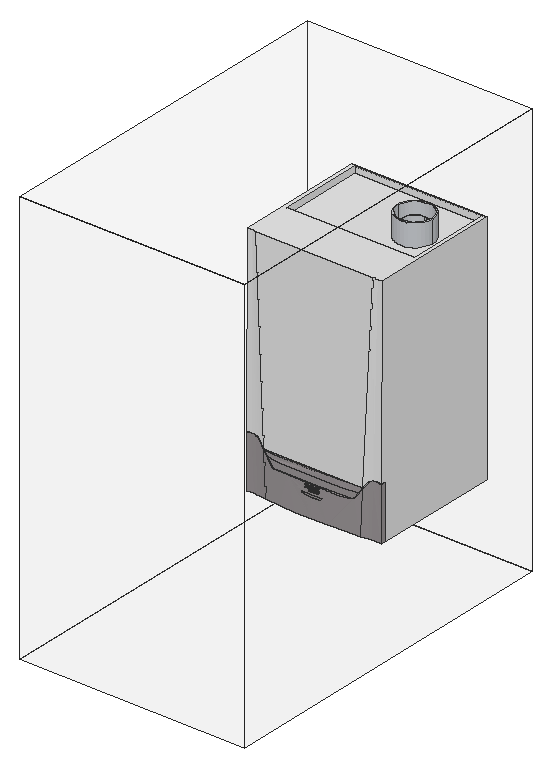
Revit family "Quinta Ace 160_LOD-5", category Mechanical Equipment, Revit 2015
Parameters (values of type "160")
  Weekly = "0"
  Water Treatment Required = yes
  Water Content = 17.0 L
  Warranty ID = ""
  Voltage = 230 V
  Uniclass2015 = "Pr_60_60_08"
  URL = ""
  Type = "Space heating"
  Turndown Ratio = "4.8:1"
  Supply Phase = 1
  Starting Current = 0 A
  Sound Pressure Level = "59.5 dBA"
  Shipping Weight = 0.00 kg
  Shape = "Rectangular (Vertical)"
  Safety Valve Connection Type = "Unset"
  Safety Valve Connection Size = 0 mm
  Responsible Sourcing of Materials = "N/A"
  Responsible Extraction of Materials = "N/A"
  Reference Standard = "2009/142EC 92/42EEC"
  Rated Output = 152900 W
  Rated Criteria = "80/60"
  Quarterly = "0"
  Product Range = "Quinta Ace 160"
  Product Model Number = "7625903"
  Product Literature = "https://www.remeha.co.uk/en/Products/Wall-Hung-Range/Quinta-Ace"
  Primary Fuel = "Gas - NG"
  Overall Width = 600 mm
  Overall Length = 602 mm
  Overall Height = 1045 mm
  Optional Fuel = "Gas - LPG"
  Operation and Maintenance Manual = "0"
  Oil Consumption rate = 0
  Nominal Oil Inlet Pressure = 0.0 bar
  Nominal Gas Inlet Pressure = 0.017 bar
  NOx Emissions = "35 mg/kWh"
  Mounting = "Wall Mounted"
  Monthly = "0"
  Model = ""
  Minimum Power Consumption = 5.3 W
  Minimum Operating Pressure = 0.8 bar
  Minimum Oil Inlet Pressure = 0.0 bar
  Minimum Gas Inlet Pressure = 0.017 bar
  Minimum Flow Rate at 20C temperature differential = 1.82 L/s
  Minimum Flow Rate at 11C temperature differential = 0.0 L/s
  Maximum Power Consumption = 275 W
  Maximum Operating Pressure = 4.0 bar
  Maximum Oil Inlet Pressure = 0.0 bar
  Maximum Gas Inlet Pressure = 0.025 bar
  Material Ingredient Reporting = "N/A"
  Manufacturer Website = "http://www.remeha.co.uk/"
  Manufacturer = "Remeha Commercial"
  Maintenance Required 8001 to 12000hrs = "0"
  Maintenance Required 601 to 1000hrs = "0"
  Maintenance Required 4001 to 8000hrs = "0"
  Maintenance Required 301 to 600hrs = "0"
  Maintenance Required 2001 to 4000hrs = "0"
  Maintenance Required 1001 to 2000hrs = "0"
  Maintenance Required 0 to 300hrs = "0"
  Location of Manufacturer = "N/A"
  Life Cycle Analysis = "N/A"
  Interlocks = yes
  IfcExportType = "NOTDEFINED"  # constant formula
  IfcExportAs = "IfcBoilerType"  # constant formula
  IP Rating = "X1B"
  IK Rating = "0"
  Hydraulic Resistance at 20C temperature differential = 0.17 bar
  Hydraulic Resistance at 11C temperature differential = 0.0 bar
  Heater Operation = "Condensing"
  Heat Exchanger Material = "Aluminium"
  Gross Weight = 146.00 kg
  Green Guide for Specification = "N/A"
  Gas Consumption rate = "16.5 m3/h"
  Fuse Rating = 6.3 A
  Full Load Current = 0 A
  Fuel Connection Type = "Threaded"
  Fuel Connection Size = 28 mm
  Frequency = 50 Hz
  Flue or Air Intake Classification = "B23P,B33,C13,C33,C43,C53,C63,C83,C93"
  Flue Connection size = 100 mm
  Flow and Return Connection Type = "Threaded"
  Flow and Return Connection Size = 35 mm
  Finish = "High Polish Gardner 60 GRAD 91EH"
  Features = "Remeha's Quinta Pro Ace 160 is a compact high efficiency wall hung condesing boiler. The compact design make this boiler ideally suited to modular arrangements"
  External Material = "Steel"
  Expected Life = "15"
  ErP Seasonal Efficiency = "0 %"
  ErP Rated Efficiency at Part Load = "97.8 %"
  ErP Rated Efficiency at Full Load = "87.8 %"
  ErP Energy Label = "0"
  Environmental Product Declaration = "N/A"
  Energy Technology List = "https://etl.beis.gov.uk/engetl/fox/live/ETL_PUBLIC_PRODUCT_SEARCH/product?PROD_ID=81905"
  Embodied Carbon = "N/A"
  Drain Connection Type = "Unset"
  Drain Connection Size = 0 mm
  Description = ""
  Daily = "0"
  Control Type = "0 - 10V, Open Therm, Volt free enable, Direct boiler weather compensating control systems available from Remeha as optional extra's."
  Configuration = "Single boiler"
  Condensate Drain Type = "Plain"
  Condensate Drain Size = 32 mm
  Colour = "RAL 9016"
  Clearance Box Visibility [instance] = yes
  Classification.Uniclass.Pr.Number = ""
  Classification.Uniclass.Pr.Description = ""
  CE Mark = "0063CQ3781"
  Burner Control Type = "Modulating"
  Building Regulations Seasonal Efficiency = "95.5 %"
  Bespoke Timeframe = "0"
  BMS Links = yes
  Annually = "See Installation, user and service manual."
  Air Inlet Connection Size = 150 mm
  Additional Technical Details = "Not Available"
  Access Clearance Top = 500 mm
  Access Clearance Right = 30 mm
  Access Clearance Rear = 0 mm
  Access Clearance Left = 30 mm
  Access Clearance Front = 1000 mm
  Access Clearance Bottom = 300 mm
  6 Monthly = "0"
Reference planes
  plane 1 "Center (Front/Back)": y = 0
  plane 2: z = 0
  plane 3 "Center (Left/Right)": x = 0
  plane 4: y = -602
  plane 5: x = -300
  plane 6: x = 300
  plane 7 "TOP": z = 1045
  plane 8: y = -586.5
  plane 9: x = -212.5
  plane 10: x = 212.5
  plane 11: y = -585.8
  plane 12: x = -259
  plane 13: x = 259
  plane 14: y = -226
  plane 15: y = -139.143
  plane 16: y = -130.143
  plane 17: z = 100
  plane 18: y = -80
  plane 19: x = 190
  plane 20: x = 60
  plane 21: x = -125
  plane 22: z = -40
  plane 23: x = 0
  plane 24: z = 110
  plane 25: z = 1545
Forms (mm)
  Extrusion 1, solid, material "Color RGB 246-246-246", detail levels fine
    sketch origin (0, 0, 0) x (1, 0, 0) y (0, 1, 0)
      loop
        line (-300, -5) -> (-300, -602) -> (300, -602) -> (300, -5) -> (-300, -5)
    from 0 to 1045
  SweptBlend 2, void
    path origin (0, 0, 0) x (1, 0, 0) y (0, 0, 1)
      loop
        line (0, 0) -> (0, 1045)
    profile origin (0, 0, 0) x (-1, 0, 0) y (0, -1, 0)
      loop
        arc (212.5, 594.233) -> (256.046, 588.06) -> (300, 586.5) r 417.646
        line (300, 586.5) -> (310, 586.5) -> (310, 621.5) -> (-325, 621.5) -> (-325, 586.5) -> (-300, 586.5)
        arc (-300, 586.5) -> (-256.046, 588.06) -> (-212.5, 594.233) r 417.646
        arc (-212.5, 594.233) -> (0, 602) -> (212.5, 594.233) r 2910.976
    end profile origin (0, 0, 1045) x (-1, 0, 0) y (0, -1, 0)
      loop
        arc (259, 589.934) -> (279.376, 586.642) -> (300, 585.8) r 172.993
        line (300, 585.8) -> (310, 585.8) -> (310, 620.8) -> (-325, 620.8) -> (-325, 585.8) -> (-300, 585.8)
        arc (-300, 585.8) -> (-279.376, 586.642) -> (-259, 589.934) r 172.993
        arc (-259, 589.934) -> (0, 602) -> (259, 589.934) r 2785.878
  Extrusion 3, void
    sketch origin (0, 0, 0) x (1, 0, 0) y (0, 0, 1)
      loop
        line (0, 197.5) -> (-221.271, 197.5) -> (-242.845, 227.195)
        arc (-242.845, 227.195) -> (-251.721, 234.775) -> (-263.071, 237.5) r 25
        line (-263.071, 237.5) -> (-323.071, 237.5) -> (-323.071, -22.5) -> (0, -22.5) -> (323.071, -22.5) -> (323.071, 237.5) -> (263.071, 237.5)
        arc (263.071, 237.5) -> (251.721, 234.775) -> (242.845, 227.195) r 25
        line (242.845, 227.195) -> (221.271, 197.5) -> (0, 197.5)
    from 570.802 to 631.453
  Extrusion 4, solid, material "Color RGB 127-118-121", detail levels fine
    sketch origin (0, 0, 0) x (1, 0, 0) y (0, 0, 1)
      loop
        line (-263.071, 235.5) -> (-300, 235.5) -> (-300, 0) -> (300, 0) -> (300, 235.5) -> (263.071, 235.5)
        arc (263.071, 235.5) -> (252.629, 232.993) -> (244.464, 226.019) r 23
        line (244.464, 226.019) -> (186.185, 145.805)
        arc (186.185, 145.805) -> (177.309, 138.225) -> (165.959, 135.5) r 25
        line (165.959, 135.5) -> (0, 135.5) -> (-165.959, 135.5)
        arc (-165.959, 135.5) -> (-177.309, 138.225) -> (-186.185, 145.805) r 25
        line (-186.185, 145.805) -> (-244.464, 226.019)
        arc (-244.464, 226.019) -> (-252.629, 232.993) -> (-263.071, 235.5) r 23
      loop
        line (0, 195.5) -> (-219.818, 195.5) -> (-202.192, 171.24) -> (202.192, 171.24) -> (219.818, 195.5) -> (0, 195.5)
    from 570.802 to 613.181
  Extrusion 5, solid, material "Color RGB 127-118-121", detail levels fine
    sketch origin (0, 0, 0) x (1, 0, 0) y (0, 0, 1)
      loop
        arc (165.959, 137.5) -> (176.401, 140.007) -> (184.567, 146.981) r 23
        line (184.567, 146.981) -> (202.192, 171.24) -> (-202.192, 171.24) -> (-184.567, 146.981)
        arc (-184.567, 146.981) -> (-176.401, 140.007) -> (-165.959, 137.5) r 23
        line (-165.959, 137.5) -> (0, 137.5) -> (165.959, 137.5)
    from 578.899 to 594.851
  Extrusion 6, solid, material "Color RAL 9004", detail levels fine
    sketch origin (0, 0, 15) x (1, 0, 0) y (0, 0, 1)
      loop
        line (-30.625, 114.799) -> (-30.625, 113.799) -> (30.625, 113.799) -> (30.625, 114.799) -> (-30.625, 114.799)
      loop
        line (-30.625, 102.799) -> (30.625, 102.799) -> (30.625, 103.799) -> (-30.625, 103.799) -> (-30.625, 102.799)
      loop
        line (-28.307, 112.262) -> (-28.307, 104.868) -> (-20.805, 104.868) -> (-20.805, 107.769) -> (-19.053, 107.769)
        arc (-19.053, 107.769) -> (-18.314, 107.432) -> (-18.083, 106.654) r 0.979
        arc (-18.083, 106.654) -> (-18.083, 105.743) -> (-17.832, 104.868) r 3.272
        line (-17.832, 104.868) -> (-16.376, 104.868)
        arc (-16.376, 104.868) -> (-16.561, 105.921) -> (-16.618, 106.99) r 8.915
        arc (-16.618, 106.99) -> (-16.885, 107.854) -> (-17.601, 108.408) r 1.5
        arc (-17.601, 108.408) -> (-16.323, 110.62) -> (-18.28, 112.262) r 1.987
        line (-18.28, 112.262) -> (-20.805, 112.262) -> (-28.307, 112.262)
      loop
        line (-20.805, 110.988) -> (-20.805, 108.968) -> (-18.787, 108.968)
        arc (-18.787, 108.968) -> (-18.37, 109.119) -> (-18.148, 109.504) r 0.649
        arc (-18.148, 109.504) -> (-18.033, 110.011) -> (-18.159, 110.516) r 1.124
        arc (-18.159, 110.516) -> (-18.505, 110.862) -> (-18.976, 110.988) r 0.944
        line (-18.976, 110.988) -> (-20.805, 110.988)
      loop
        line (-26.948, 110.988) -> (-26.948, 106.241) -> (-22.202, 106.241) -> (-22.202, 110.988) -> (-26.948, 110.988)
      loop
        line (-9.068, 110.339) -> (-10.47, 110.339) -> (-10.47, 104.868) -> (-8.958, 104.868) -> (-8.958, 107.808)
        arc (-8.958, 107.808) -> (-8.681, 108.608) -> (-7.968, 109.064) r 1.291
        arc (-7.968, 109.064) -> (-7.458, 109.082) -> (-6.98, 108.902) r 1.291
        line (-6.98, 108.902) -> (-6.98, 110.475)
        arc (-6.98, 110.475) -> (-8.226, 110.309) -> (-9.068, 109.376) r 1.823
        line (-9.068, 109.376) -> (-9.068, 110.339)
      loop
        line (-5.139, 107.291) -> (-1.277, 107.291)
        arc (-1.277, 107.291) -> (-3.967, 110.466) -> (-6.562, 107.213) r 2.694
        arc (-6.562, 107.213) -> (-4.23, 104.778) -> (-1.394, 106.602) r 2.651
        line (-1.394, 106.602) -> (-2.704, 106.602)
        arc (-2.704, 106.602) -> (-4.224, 105.879) -> (-5.139, 107.291) r 1.276
      loop
        line (-5.147, 108.206) -> (-2.707, 108.206)
        arc (-2.707, 108.206) -> (-3.927, 109.427) -> (-5.147, 108.206) r 1.22
      loop
        line (1.337, 109.573) -> (1.337, 110.362) -> (-0.066, 110.362) -> (-0.066, 104.975) -> (1.396, 104.975) -> (1.396, 108.405)
        arc (1.396, 108.405) -> (2.357, 109.366) -> (3.318, 108.405) r 0.961
        line (3.318, 108.405) -> (3.318, 104.975) -> (4.781, 104.975) -> (4.781, 108.405)
        arc (4.781, 108.405) -> (5.723, 109.347) -> (6.665, 108.405) r 0.942
        line (6.665, 108.405) -> (6.665, 104.975) -> (8.107, 104.975) -> (8.107, 108.51)
        arc (8.107, 108.51) -> (8.131, 109.089) -> (7.91, 109.624) r 1.349
        arc (7.91, 109.624) -> (6.224, 110.506) -> (4.538, 109.624) r 2.053
        arc (4.538, 109.624) -> (2.923, 110.522) -> (1.337, 109.573) r 1.848
      loop
        line (10.835, 107.291) -> (14.697, 107.291)
        arc (14.697, 107.291) -> (12.007, 110.466) -> (9.413, 107.213) r 2.694
        arc (9.413, 107.213) -> (11.745, 104.778) -> (14.58, 106.602) r 2.651
        line (14.58, 106.602) -> (13.271, 106.602)
        arc (13.271, 106.602) -> (11.751, 105.879) -> (10.835, 107.291) r 1.276
      loop
        line (10.827, 108.206) -> (13.268, 108.206)
        arc (13.268, 108.206) -> (12.048, 109.427) -> (10.827, 108.206) r 1.22
      loop
        line (17.364, 112.391) -> (15.821, 112.391) -> (15.821, 105.002) -> (17.364, 105.002) -> (17.364, 108.206)
        arc (17.364, 108.206) -> (18.386, 109.464) -> (19.408, 108.206) r 1.044
        line (19.408, 108.206) -> (19.408, 105.002) -> (20.934, 105.002) -> (20.934, 108.667)
        arc (20.934, 108.667) -> (19.516, 110.515) -> (17.364, 109.624) r 1.913
        line (17.364, 109.624) -> (17.364, 112.391)
      loop
        line (22.242, 108.679) -> (23.722, 108.679)
        arc (23.722, 108.679) -> (23.883, 109.16) -> (24.311, 109.433) r 0.76
        arc (24.311, 109.433) -> (24.781, 109.509) -> (25.255, 109.453) r 1.739
        arc (25.255, 109.453) -> (25.672, 108.961) -> (25.347, 108.403) r 0.559
        arc (25.347, 108.403) -> (24.586, 108.159) -> (23.79, 108.1) r 3.395
        arc (23.79, 108.1) -> (23.01, 107.945) -> (22.39, 107.447) r 1.672
        arc (22.39, 107.447) -> (22.047, 106.34) -> (22.507, 105.276) r 1.672
        arc (22.507, 105.276) -> (23.456, 104.897) -> (24.477, 104.882) r 2.817
        arc (24.477, 104.882) -> (25.226, 105.132) -> (25.673, 105.783) r 1.24
        arc (25.673, 105.783) -> (25.722, 105.38) -> (25.841, 104.993) r 2.328
        line (25.841, 104.993) -> (27.312, 104.993)
        arc (27.312, 104.993) -> (27.148, 105.535) -> (27.093, 106.098) r 2.901
        line (27.093, 106.098) -> (27.093, 109.154)
        arc (27.093, 109.154) -> (26.736, 110.016) -> (25.874, 110.373) r 1.219
        arc (25.874, 110.373) -> (24.773, 110.496) -> (23.672, 110.373) r 4.994
        arc (23.672, 110.373) -> (22.673, 109.766) -> (22.242, 108.679) r 1.837
      loop
        arc (23.575, 106.815) -> (23.583, 106.332) -> (23.888, 105.957) r 0.737
        arc (23.888, 105.957) -> (24.388, 105.84) -> (24.895, 105.923) r 1.324
        arc (24.895, 105.923) -> (25.433, 106.34) -> (25.637, 106.991) r 1.14
        line (25.637, 106.991) -> (25.637, 107.777)
        arc (25.637, 107.777) -> (25.209, 107.446) -> (24.672, 107.387) r 0.999
        arc (24.672, 107.387) -> (24.028, 107.284) -> (23.575, 106.815) r 1.029
      loop
        arc (-13.903, 98.982) -> (-14.447, 98.757) -> (-14.672, 98.213) r 0.77
        line (-14.672, 98.213) -> (-14.672, 94.752)
        arc (-14.672, 94.752) -> (-14.447, 94.208) -> (-13.903, 93.982) r 0.77
        line (-13.903, 93.982) -> (-10.806, 93.982) -> (-10.11, 92.715) -> (-9.095, 93.273) -> (-9.599, 94.191) -> (-9.599, 98.213)
        arc (-9.599, 98.213) -> (-9.825, 98.757) -> (-10.369, 98.982) r 0.77
        line (-10.369, 98.982) -> (-13.903, 98.982)
      loop
        arc (-12.983, 98.121) -> (-13.528, 97.895) -> (-13.753, 97.351) r 0.77
        line (-13.753, 97.351) -> (-13.753, 95.681)
        arc (-13.753, 95.681) -> (-13.528, 95.136) -> (-12.983, 94.911) r 0.77
        line (-12.983, 94.911) -> (-11.313, 94.911)
        arc (-11.313, 94.911) -> (-10.769, 95.136) -> (-10.544, 95.68) r 0.769
        line (-10.544, 95.68) -> (-10.544, 97.351)
        arc (-10.544, 97.351) -> (-10.769, 97.895) -> (-11.313, 98.121) r 0.77
        line (-11.313, 98.121) -> (-12.983, 98.121)
      loop
        arc (-9.17, 94.752) -> (-8.944, 94.208) -> (-8.4, 93.982) r 0.77
        line (-8.4, 93.982) -> (-4.459, 93.982)
        arc (-4.459, 93.982) -> (-3.915, 94.208) -> (-3.689, 94.752) r 0.77
        line (-3.689, 94.752) -> (-3.689, 98.982) -> (-4.878, 98.982) -> (-4.878, 95.68)
        arc (-4.878, 95.68) -> (-5.103, 95.136) -> (-5.647, 94.911) r 0.769
        line (-5.647, 94.911) -> (-7.212, 94.911)
        arc (-7.212, 94.911) -> (-7.756, 95.136) -> (-7.981, 95.681) r 0.77
        line (-7.981, 95.681) -> (-7.981, 98.982) -> (-9.17, 98.982) -> (-9.17, 94.752)
      loop
        line (-0.374, 98.803) -> (-0.374, 94.191) -> (0.682, 94.191) -> (0.682, 97.649) -> (2.294, 94.191) -> (3.854, 94.191) -> (3.854, 98.803) -> (2.798, 98.803) -> (2.798, 95.345) -> (1.186, 98.803) -> (-0.374, 98.803)
      loop
        line (7.734, 97.702) -> (9.568, 97.702) -> (9.568, 98.803) -> (4.745, 98.803) -> (4.745, 97.702) -> (6.578, 97.702) -> (6.578, 94.191) -> (7.734, 94.191) -> (7.734, 97.702)
      loop
        line (11.522, 98.803) -> (9.025, 94.191) -> (10.579, 94.191) -> (11.08, 95.137) -> (13.824, 95.137) -> (14.325, 94.191) -> (16.007, 94.191) -> (13.363, 98.803) -> (11.522, 98.803)
      loop
        line (12.44, 97.733) -> (11.547, 96.001) -> (13.357, 96.001) -> (12.44, 97.733)
      loop
        line (-1.461, 98.982) -> (-2.65, 98.982) -> (-2.65, 93.982) -> (-1.461, 93.982) -> (-1.461, 98.982)
      loop
        line (20.102, 98.319) -> (17.936, 94.319) -> (19.284, 94.319) -> (19.799, 95.321) -> (21.554, 95.321) -> (22.07, 94.319) -> (23.369, 94.319) -> (21.252, 98.319) -> (20.102, 98.319)
      loop
        line (20.677, 97.391) -> (19.96, 96.001) -> (21.413, 96.001) -> (20.677, 97.391)
      loop
        line (26.388, 97.176) -> (26.388, 98.319) -> (25.245, 98.319)
        arc (25.245, 98.319) -> (23.245, 96.319) -> (25.245, 94.319) r 2
        line (25.245, 94.319) -> (26.388, 94.319) -> (26.388, 95.463) -> (25.234, 95.463)
        arc (25.234, 95.463) -> (24.377, 96.319) -> (25.234, 97.176) r 0.857
        line (25.234, 97.176) -> (26.388, 97.176)
      loop
        line (27.458, 98.319) -> (27.458, 94.319) -> (29.458, 94.319) -> (29.458, 95.119) -> (28.258, 95.119) -> (28.258, 95.919) -> (29.458, 95.919) -> (29.458, 96.719) -> (28.258, 96.719) -> (28.258, 97.519) -> (29.458, 97.519) -> (29.458, 98.319) -> (27.458, 98.319)
    from 600.389 to 603.257
  Extrusion 7, void
    sketch origin (0, 0, 0) x (1, 0, 0) y (0, 0, 1)
      loop
        line (50, 96.667) -> (-50, 96.667) -> (-37.835, 84.502) -> (37.835, 84.502) -> (50, 96.667)
    from 598.454 to 608.186
  Extrusion 8, void
    sketch origin (0, -5, 0) x (1, 0, 0) y (0, 1, 0)
      loop
        line (284, -2.5) -> (-284, -2.5) -> (-284, -383) -> (284, -383) -> (284, -2.5)
    from 1015 to 1075.078
  Extrusion 9, solid, material "Color RGB 127-118-121", detail levels fine
    sketch origin (0, 0, 0) x (0, 1, 0) y (0, 0, 1)
      loop
        line (-5, 1035.5) -> (-5, 1010.5) -> (-2, 1010.5) -> (-2, 989.5) -> (0, 989.5) -> (0, 1012.5) -> (-3, 1012.5) -> (-3, 1035.5) -> (-5, 1035.5)
    from -270 to 270
  Extrusion 10, void
    sketch origin (0, 0, 0) x (1, 0, 0) y (0, 0, 1)
      loop
        line (233.5, 1005) -> (233.5, 998)
        arc (233.5, 998) -> (236, 995.5) -> (238.5, 998) r 2.5
        line (238.5, 998) -> (238.5, 1005)
        arc (238.5, 1005) -> (236, 1007.5) -> (233.5, 1005) r 2.5
      loop
        line (17.5, 1005) -> (17.5, 998)
        arc (17.5, 998) -> (20, 995.5) -> (22.5, 998) r 2.5
        line (22.5, 998) -> (22.5, 1005)
        arc (22.5, 1005) -> (20, 1007.5) -> (17.5, 1005) r 2.5
      loop
        arc (-233.5, 1005) -> (-236, 1007.5) -> (-238.5, 1005) r 2.5
        line (-238.5, 1005) -> (-238.5, 998)
        arc (-238.5, 998) -> (-236, 995.5) -> (-233.5, 998) r 2.5
        line (-233.5, 998) -> (-233.5, 1005)
      loop
        arc (-17.5, 1005) -> (-20, 1007.5) -> (-22.5, 1005) r 2.5
        line (-22.5, 1005) -> (-22.5, 998)
        arc (-22.5, 998) -> (-20, 995.5) -> (-17.5, 998) r 2.5
        line (-17.5, 998) -> (-17.5, 1005)
    from -6.013 to 3.638
  Revolve 11, solid, material "Color RGB 127-118-121", detail levels fine
    sketch origin (157, 155.443, 1200) x (0, 1, 0) y (0, 0, 1)
      loop
        line (-310.315, -164.038) -> (-307.066, -172.965) -> (-281, -163.478) -> (-285.618, -150.792) -> (-295.954, -154.554) -> (-294.586, -158.313) -> (-310.315, -164.038)
      axis (-307.066, -172.965) -> (-281, -163.478)
    angle from 0 to 360
  Extrusion 12, void
    sketch origin (0, 0, 0) x (1, 0, 0) y (0, 1, 0)
      loop
        line (-242, -24) -> (-242, -543) -> (242, -543) -> (242, -24) -> (-242, -24)
    from -10.86 to 100
  Extrusion 13, solid, material "Color RGB 246-246-246", detail levels fine
    sketch origin (0, 0, 0) x (1, 0, 0) y (0, 1, 0)
      loop
        circle (190, -80) r 16.9
      loop
        circle (60, -80) r 21.2
      loop
        circle (-125, -80) r 21.2
      loop
        circle (0, -80) r 16
    from -40 to 110
  Extrusion 14, solid, detail levels coarse+medium
    sketch origin (0, 0, 0) x (1, 0, 0) y (0, 1, 0)
      loop
        line (300, -5) -> (-300, -5) -> (-300, -602) -> (300, -602) -> (300, -5)
    from 0 to 1045
  Extrusion 15, solid, detail levels coarse+medium
    sketch origin (0, 0, 0) x (1, 0, 0) y (0, 1, 0)
      loop
        circle (190, -80) r 16.9
      loop
        circle (60, -80) r 21.2
      loop
        circle (0, -80) r 16
      loop
        circle (-125, -80) r 21.2
    from -40 to 0
  Extrusion 16, solid, detail levels coarse+medium
    sketch origin (-148, 155.443, 1200) x (0, 1, 0) y (0, 0, 1)
      loop
        line (-158.443, -187.5) -> (-158.443, -164.5) -> (-160.443, -164.5) -> (-160.443, -189.5) -> (-157.443, -189.5) -> (-157.443, -210.5) -> (-155.443, -210.5) -> (-155.443, -187.5) -> (-158.443, -187.5)
    from -122 to 418
  Extrusion 17, void
    sketch origin (0, 0, 0) x (1, 0, 0) y (0, 1, 0)
      loop
        circle (190, -80) r 30
      loop
        circle (60, -80) r 30
      loop
        circle (-125, -80) r 55.25
    from 100 to 110
  Extrusion 18, solid
    sketch origin (0, 0, 0) x (1, 0, 0) y (0, 1, 0)
      loop
        circle (157, -226) r 80
      loop
        circle (157, -226) r 75
    from 1015 to 1112.631
  Extrusion 19, solid, material "Glass - Clear - Amber", visible <- "Clearance Box Visibility"
    sketch origin (0, 0, 0) x (0, 1, 0) y (0, 0, 1)
      loop
        line (0, 1545) -> (-1600, 1545) -> (-1600, -300) -> (0, -300) -> (0, 1545)
    from -500 to 500
  Extrusion 20, solid
    sketch origin (0, 0, 1045) x (0, 1, 0) y (-1, 0, 0)
      loop
        circle (-226, -157) r 50
      loop
        circle (-226, -157) r 55
    from 0 to 25
Cuts and joins
  SweptBlend 2, Extrusion 3, Extrusion 8, Extrusion 12, Extrusion 17 cuts Extrusion 1
  SweptBlend 2, Extrusion 7 cuts Extrusion 4
  joined: Extrusion 4, Extrusion 5
  Extrusion 10 cuts Extrusion 9
  Extrusion 8 cuts Extrusion 14
Dimensions and locks
  plane 4 to plane 1 "Center (Front/Back)" = 602 mm
  plane 5 to plane 6 = 600 mm
  equal spacing: plane 5, plane 3 "Center (Left/Right)", plane 6
  plane 7 "TOP" to level = 1045 mm
  radius of Extrusion 13 sketch curve = 16.9 mm
  radius of Extrusion 13 sketch curve = 21.2 mm  (x2)
  aligned and locked: level to plane 2
  aligned and locked: Extrusion 13 to plane 22
  aligned and locked: plane 24 to Extrusion 13
  aligned and locked: plane 17 to Extrusion 12
Automatic sketch dimensions
  Extrusion 1 sketch curve to plane 4 = 0 mm
  Extrusion 1 sketch curve to plane 5 = 0 mm
  Extrusion 1 sketch curve to plane 6 = 0 mm
  plane 1 "Center (Front/Back)" to Extrusion 1 sketch curve = 5 mm
  SweptBlend 2 sketch curve to plane 3 "Center (Left/Right)" = 0 mm
  SweptBlend 2 sketch curve to level = 0 mm
  plane 7 "TOP" to SweptBlend 2 sketch curve = 0 mm
  SweptBlend 2 sketch curve to plane 8 = 0 mm  (x2)
  SweptBlend 2 sketch curve to plane 10 = 0 mm
  SweptBlend 2 sketch curve to profile plane = 0 mm  (x2)
  SweptBlend 2 sketch curve to plane 9 = 0 mm
  SweptBlend 2 sketch curve to plane 10 = 80.315 mm
  SweptBlend 2 sketch curve to plane 8 = 35 mm
  SweptBlend 2 sketch curve to plane 10 = 112.5 mm
  SweptBlend 2 sketch curve to plane 9 = 80.315 mm
  SweptBlend 2 sketch curve to plane 9 = 87.5 mm
  SweptBlend 2 sketch curve to SweptBlend 2 sketch curve = 10 mm
  SweptBlend 2 sketch curve to plane 1 "Center (Front/Back)" = 2308.976 mm
  SweptBlend 2 sketch curve to SweptBlend 2 sketch curve = 382.585 mm  (x2)
  SweptBlend 2 sketch curve to plane 11 = 0 mm  (x2)
  SweptBlend 2 sketch curve to plane 13 = 0 mm
  SweptBlend 2 sketch curve to plane 12 = 0 mm
  SweptBlend 2 sketch curve to plane 13 = 37.733 mm
  SweptBlend 2 sketch curve to plane 13 = 41 mm
  SweptBlend 2 sketch curve to SweptBlend 2 sketch curve = 25 mm
  SweptBlend 2 sketch curve to plane 12 = 37.733 mm
  SweptBlend 2 sketch curve to plane 12 = 51 mm
  SweptBlend 2 sketch curve to plane 1 "Center (Front/Back)" = 2183.878 mm
  SweptBlend 2 sketch curve to plane 11 = 35 mm
  SweptBlend 2 sketch curve to SweptBlend 2 sketch curve = 137.963 mm  (x2)
  Extrusion 3 sketch curve to plane 3 "Center (Left/Right)" = 0 mm  (x2)
  plane 5 to Extrusion 3 sketch curve = 78.729 mm
  Extrusion 3 sketch curve to Extrusion 3 sketch curve = 21.574 mm  (x2)
  Extrusion 3 sketch curve to Extrusion 3 sketch curve = 20.225 mm  (x2)
  Extrusion 3 sketch curve to plane 5 = 23.071 mm
  Extrusion 3 sketch curve to plane 6 = 78.729 mm
  plane 6 to Extrusion 3 sketch curve = 23.071 mm
  Extrusion 3 sketch curve to level = 22.5 mm
  level to Extrusion 3 sketch curve = 197.5 mm
  Extrusion 3 sketch curve to Extrusion 3 sketch curve = 15 mm  (x2)
  Extrusion 3 sketch curve to Extrusion 3 sketch curve = 14.695 mm  (x2)
  Extrusion 4 sketch curve to plane 5 = 0 mm
  Extrusion 4 sketch curve to plane 3 "Center (Left/Right)" = 0 mm  (x2)
  Extrusion 4 sketch curve to level = 0 mm
  Extrusion 4 sketch curve to plane 6 = 0 mm
  plane 5 to Extrusion 4 sketch curve = 36.929 mm
  Extrusion 4 sketch curve to Extrusion 4 sketch curve = 18.607 mm  (x2)
  Extrusion 4 sketch curve to Extrusion 4 sketch curve = 24.646 mm  (x2)
  Extrusion 4 sketch curve to Extrusion 4 sketch curve = 17.626 mm  (x2)
  Extrusion 4 sketch curve to Extrusion 4 sketch curve = 16.008 mm
  Extrusion 4 sketch curve to Extrusion 4 sketch curve = 20.225 mm  (x2)
  Extrusion 4 sketch curve to plane 6 = 134.041 mm
  Extrusion 4 sketch curve to Extrusion 4 sketch curve = 33.633 mm
  level to Extrusion 4 sketch curve = 135.5 mm
  Extrusion 4 sketch curve to Extrusion 4 sketch curve = 10.305 mm  (x2)
  Extrusion 4 sketch curve to Extrusion 4 sketch curve = 25.435 mm
  Extrusion 4 sketch curve to Extrusion 4 sketch curve = 24.26 mm
  Extrusion 4 sketch curve to Extrusion 4 sketch curve = 17 mm  (x2)
  Extrusion 4 sketch curve to Extrusion 4 sketch curve = 13.519 mm  (x2)
  Extrusion 5 sketch curve to plane 3 "Center (Left/Right)" = 0 mm
  plane 5 to Extrusion 5 sketch curve = 134.041 mm
  Extrusion 5 sketch curve to Extrusion 5 sketch curve = 18.607 mm  (x2)
  Extrusion 5 sketch curve to Extrusion 5 sketch curve = 17.626 mm  (x2)
  Extrusion 5 sketch curve to plane 6 = 134.041 mm
  level to Extrusion 5 sketch curve = 137.5 mm
  Extrusion 5 sketch curve to Extrusion 5 sketch curve = 9.481 mm
  Extrusion 5 sketch curve to Extrusion 5 sketch curve = 23 mm
  Extrusion 5 sketch curve to Extrusion 5 sketch curve = 24.26 mm
  Extrusion 6 sketch curve to Extrusion 6 sketch curve = 0 mm  (x28)
  Extrusion 6 sketch curve to plane 3 "Center (Left/Right)" = 30.625 mm
  Extrusion 6 sketch curve to Extrusion 6 sketch curve = 2.318 mm
  Extrusion 6 sketch curve to Extrusion 6 sketch curve = 1.36 mm
  Extrusion 6 sketch curve to Extrusion 6 sketch curve = 4.746 mm
  Extrusion 6 sketch curve to Extrusion 6 sketch curve = 1.397 mm  (x2)
  Extrusion 6 sketch curve to Extrusion 6 sketch curve = 1.648 mm
  Extrusion 6 sketch curve to Extrusion 6 sketch curve = 1.752 mm
  Extrusion 6 sketch curve to Extrusion 6 sketch curve = 0.18 mm
  Extrusion 6 sketch curve to Extrusion 6 sketch curve = 0.19 mm
  Extrusion 6 sketch curve to Extrusion 6 sketch curve = 0.696 mm
  Extrusion 6 sketch curve to Extrusion 6 sketch curve = 0.935 mm
  Extrusion 6 sketch curve to Extrusion 6 sketch curve = 0.286 mm  (x2)
  Extrusion 6 sketch curve to Extrusion 6 sketch curve = 1.456 mm
  Extrusion 6 sketch curve to Extrusion 6 sketch curve = 1.533 mm
  Extrusion 6 sketch curve to Extrusion 6 sketch curve = 1.704 mm
  Extrusion 6 sketch curve to Extrusion 6 sketch curve = 0.77 mm  (x6)
  Extrusion 6 sketch curve to Extrusion 6 sketch curve = 0.15 mm
  Extrusion 6 sketch curve to Extrusion 6 sketch curve = 0.919 mm  (x2)
  Extrusion 6 sketch curve to Extrusion 6 sketch curve = 1.67 mm  (x2)
  Extrusion 6 sketch curve to Extrusion 6 sketch curve = 0.507 mm
  Extrusion 6 sketch curve to Extrusion 6 sketch curve = 0.769 mm
  Extrusion 6 sketch curve to Extrusion 6 sketch curve = 4.373 mm
  Extrusion 6 sketch curve to Extrusion 6 sketch curve = 0.945 mm
  Extrusion 6 sketch curve to Extrusion 6 sketch curve = 0.697 mm
  Extrusion 6 sketch curve to Extrusion 6 sketch curve = 1.207 mm
  Extrusion 6 sketch curve to Extrusion 6 sketch curve = 0.43 mm
  Extrusion 6 sketch curve to Extrusion 6 sketch curve = 0.505 mm
  Extrusion 6 sketch curve to Extrusion 6 sketch curve = 1.402 mm
  Extrusion 6 sketch curve to Extrusion 6 sketch curve = 1.512 mm
  Extrusion 6 sketch curve to Extrusion 6 sketch curve = 1.188 mm  (x3)
  Extrusion 6 sketch curve to Extrusion 6 sketch curve = 1.255 mm
  Extrusion 6 sketch curve to Extrusion 6 sketch curve = 0.036 mm
  Extrusion 6 sketch curve to Extrusion 6 sketch curve = 0.29 mm
  Extrusion 6 sketch curve to Extrusion 6 sketch curve = 0.396 mm
  Extrusion 6 sketch curve to Extrusion 6 sketch curve = 1.564 mm
  Extrusion 6 sketch curve to Extrusion 6 sketch curve = 1.833 mm
  Extrusion 6 sketch curve to Extrusion 6 sketch curve = 0.008 mm  (x2)
  Extrusion 6 sketch curve to Extrusion 6 sketch curve = 3.103 mm
  Extrusion 6 sketch curve to Extrusion 6 sketch curve = 0.419 mm
  Extrusion 6 sketch curve to Extrusion 6 sketch curve = 1.22 mm  (x2)
  Extrusion 6 sketch curve to Extrusion 6 sketch curve = 0.001 mm  (x2)
  Extrusion 6 sketch curve to Extrusion 6 sketch curve = 0.009 mm  (x2)
  Extrusion 6 sketch curve to Extrusion 6 sketch curve = 0.043 mm  (x2)
  Extrusion 6 sketch curve to Extrusion 6 sketch curve = 1.172 mm  (x2)
  Extrusion 6 sketch curve to Extrusion 6 sketch curve = 1.04 mm
  Extrusion 6 sketch curve to Extrusion 6 sketch curve = 1.31 mm  (x2)
  Extrusion 6 sketch curve to Extrusion 6 sketch curve = 0.117 mm  (x2)
  Extrusion 6 sketch curve to plane 3 "Center (Left/Right)" = 0.374 mm
  Extrusion 6 sketch curve to plane 3 "Center (Left/Right)" = 0.066 mm
  plane 3 "Center (Left/Right)" to Extrusion 6 sketch curve = 0.682 mm
  plane 3 "Center (Left/Right)" to Extrusion 6 sketch curve = 1.186 mm
  plane 3 "Center (Left/Right)" to Extrusion 6 sketch curve = 1.337 mm
  Extrusion 6 sketch curve to Extrusion 6 sketch curve = 0.059 mm  (x2)
  Extrusion 6 sketch curve to Extrusion 6 sketch curve = 1.612 mm  (x2)
  Extrusion 6 sketch curve to Extrusion 6 sketch curve = 0.961 mm
  Extrusion 6 sketch curve to Extrusion 6 sketch curve = 0.366 mm
  Extrusion 6 sketch curve to Extrusion 6 sketch curve = 1.56 mm
  Extrusion 6 sketch curve to Extrusion 6 sketch curve = 0.89 mm
  Extrusion 6 sketch curve to Extrusion 6 sketch curve = 1.463 mm
  Extrusion 6 sketch curve to Extrusion 6 sketch curve = 0.942 mm
  Extrusion 6 sketch curve to Extrusion 6 sketch curve = 0.441 mm
  Extrusion 6 sketch curve to Extrusion 6 sketch curve = 2.724 mm
  Extrusion 6 sketch curve to Extrusion 6 sketch curve = 0.137 mm
  Extrusion 6 sketch curve to Extrusion 6 sketch curve = 1.156 mm
  Extrusion 6 sketch curve to Extrusion 6 sketch curve = 1.304 mm
  Extrusion 6 sketch curve to Extrusion 6 sketch curve = 1.291 mm
  Extrusion 6 sketch curve to Extrusion 6 sketch curve = 1.834 mm
  Extrusion 6 sketch curve to Extrusion 6 sketch curve = 1.554 mm
  Extrusion 6 sketch curve to Extrusion 6 sketch curve = 2.721 mm
  Extrusion 6 sketch curve to Extrusion 6 sketch curve = 0.501 mm  (x2)
  Extrusion 6 sketch curve to Extrusion 6 sketch curve = 1.954 mm
  Extrusion 6 sketch curve to Extrusion 6 sketch curve = 0.468 mm  (x2)
  Extrusion 6 sketch curve to Extrusion 6 sketch curve = 0.917 mm
  Extrusion 6 sketch curve to Extrusion 6 sketch curve = 1.809 mm
  Extrusion 6 sketch curve to Extrusion 6 sketch curve = 0.924 mm
  Extrusion 6 sketch curve to Extrusion 6 sketch curve = 1.241 mm
  Extrusion 6 sketch curve to Extrusion 6 sketch curve = 1.682 mm
  Extrusion 6 sketch curve to Extrusion 6 sketch curve = 1.542 mm
  Extrusion 6 sketch curve to Extrusion 6 sketch curve = 1.929 mm
  Extrusion 6 sketch curve to Extrusion 6 sketch curve = 1.022 mm
  Extrusion 6 sketch curve to Extrusion 6 sketch curve = 0.635 mm
  Extrusion 6 sketch curve to Extrusion 6 sketch curve = 1.348 mm
  Extrusion 6 sketch curve to Extrusion 6 sketch curve = 2.044 mm
  Extrusion 6 sketch curve to Extrusion 6 sketch curve = 0.516 mm  (x2)
  Extrusion 6 sketch curve to Extrusion 6 sketch curve = 0.161 mm
  Extrusion 6 sketch curve to Extrusion 6 sketch curve = 0.141 mm  (x3)
  Extrusion 6 sketch curve to Extrusion 6 sketch curve = 0.575 mm  (x2)
  Extrusion 6 sketch curve to Extrusion 6 sketch curve = 1.526 mm
  Extrusion 6 sketch curve to Extrusion 6 sketch curve = 1.453 mm
  Extrusion 6 sketch curve to Extrusion 6 sketch curve = 1.309 mm
  Extrusion 6 sketch curve to Extrusion 6 sketch curve = 1.474 mm
  Extrusion 6 sketch curve to Extrusion 6 sketch curve = 1.48 mm
  Extrusion 6 sketch curve to Extrusion 6 sketch curve = 0.217 mm
  Extrusion 6 sketch curve to Extrusion 6 sketch curve = 0.355 mm
  Extrusion 6 sketch curve to Extrusion 6 sketch curve = 0.558 mm  (x2)
  Extrusion 6 sketch curve to Extrusion 6 sketch curve = 0.158 mm
  Extrusion 6 sketch curve to Extrusion 6 sketch curve = 0.205 mm
  Extrusion 6 sketch curve to Extrusion 6 sketch curve = 0.406 mm
  Extrusion 6 sketch curve to Extrusion 6 sketch curve = 0.064 mm
  Extrusion 6 sketch curve to Extrusion 6 sketch curve = 0.024 mm
  Extrusion 6 sketch curve to Extrusion 6 sketch curve = 0.293 mm
  Extrusion 6 sketch curve to Extrusion 6 sketch curve = 0.386 mm
  Extrusion 6 sketch curve to Extrusion 6 sketch curve = 0.353 mm
  Extrusion 6 sketch curve to Extrusion 6 sketch curve = 0.28 mm
  Extrusion 6 sketch curve to Extrusion 6 sketch curve = 3.821 mm
  Extrusion 6 sketch curve to Extrusion 6 sketch curve = 0.011 mm
  Extrusion 6 sketch curve to Extrusion 6 sketch curve = 0.818 mm
  Extrusion 6 sketch curve to Extrusion 6 sketch curve = 1.068 mm
  Extrusion 6 sketch curve to Extrusion 6 sketch curve = 0.759 mm
  Extrusion 6 sketch curve to Extrusion 6 sketch curve = 1.143 mm  (x3)
  Extrusion 6 sketch curve to Extrusion 6 sketch curve = 1.219 mm
  Extrusion 6 sketch curve to Extrusion 6 sketch curve = 0.219 mm
  Extrusion 6 sketch curve to Extrusion 6 sketch curve = 1.069 mm  (x2)
  Extrusion 6 sketch curve to Extrusion 6 sketch curve = 0.906 mm
  Extrusion 6 sketch curve to Extrusion 6 sketch curve = 0.8 mm  (x6)
  Extrusion 6 sketch curve to Extrusion 6 sketch curve = 1.2 mm  (x2)
  Extrusion 6 sketch curve to Extrusion 6 sketch curve = 1.995 mm
  Extrusion 6 sketch curve to Extrusion 6 sketch curve = 3.532 mm
  Extrusion 6 sketch curve to Extrusion 6 sketch curve = 0.631 mm
  level to Extrusion 6 sketch curve = 107.715 mm
  Extrusion 6 sketch curve to Extrusion 6 sketch curve = 0.709 mm
  Extrusion 6 sketch curve to Extrusion 6 sketch curve = 0.209 mm  (x3)
  Extrusion 6 sketch curve to Extrusion 6 sketch curve = 0.128 mm
  Extrusion 6 sketch curve to Extrusion 6 sketch curve = 0.159 mm  (x2)
  Extrusion 6 sketch curve to Extrusion 6 sketch curve = 0.946 mm
  Extrusion 6 sketch curve to Extrusion 6 sketch curve = 1.002 mm
  Extrusion 6 sketch curve to Extrusion 6 sketch curve = 1.154 mm  (x2)
  Extrusion 6 sketch curve to Extrusion 6 sketch curve = 0.864 mm
  Extrusion 6 sketch curve to Extrusion 6 sketch curve = 0.68 mm
  Extrusion 6 sketch curve to Extrusion 6 sketch curve = 0.857 mm
  Extrusion 6 sketch curve to Extrusion 6 sketch curve = 1.671 mm
  Extrusion 6 sketch curve to Extrusion 6 sketch curve = 1.391 mm
  Extrusion 6 sketch curve to Extrusion 6 sketch curve = 2.304 mm
  Extrusion 6 sketch curve to Extrusion 6 sketch curve = 3.511 mm
  Extrusion 6 sketch curve to Extrusion 6 sketch curve = 1.732 mm
  Extrusion 6 sketch curve to Extrusion 6 sketch curve = 0.861 mm
  Extrusion 6 sketch curve to Extrusion 6 sketch curve = 1.101 mm
  Extrusion 6 sketch curve to Extrusion 6 sketch curve = 1.07 mm
  Extrusion 6 sketch curve to Extrusion 6 sketch curve = 0.179 mm
  Extrusion 6 sketch curve to Extrusion 6 sketch curve = 4.48 mm
  Extrusion 6 sketch curve to Extrusion 6 sketch curve = 1 mm  (x2)
  Extrusion 6 sketch curve to Extrusion 6 sketch curve = 5.886 mm
  Extrusion 6 sketch curve to Extrusion 6 sketch curve = 6.172 mm
  Extrusion 6 sketch curve to Extrusion 6 sketch curve = 1.194 mm
  Extrusion 6 sketch curve to Extrusion 6 sketch curve = 0.01 mm
  Extrusion 6 sketch curve to Extrusion 6 sketch curve = 0.509 mm
  Extrusion 6 sketch curve to Extrusion 6 sketch curve = 0.234 mm
  Extrusion 6 sketch curve to Extrusion 6 sketch curve = 0.62 mm  (x2)
  Extrusion 6 sketch curve to Extrusion 6 sketch curve = 1.331 mm
  Extrusion 6 sketch curve to Extrusion 6 sketch curve = 1.374 mm
  Extrusion 6 sketch curve to Extrusion 6 sketch curve = 0.249 mm
  Extrusion 6 sketch curve to Extrusion 6 sketch curve = 0.213 mm
  Extrusion 6 sketch curve to Extrusion 6 sketch curve = 1.627 mm
  Extrusion 6 sketch curve to Extrusion 6 sketch curve = 1.599 mm
  Extrusion 6 sketch curve to Extrusion 6 sketch curve = 1.922 mm
  Extrusion 6 sketch curve to Extrusion 6 sketch curve = 2.062 mm
  Extrusion 6 sketch curve to Extrusion 6 sketch curve = 0.346 mm
  Extrusion 6 sketch curve to Extrusion 6 sketch curve = 0.506 mm  (x2)
  Extrusion 6 sketch curve to Extrusion 6 sketch curve = 0.173 mm
  Extrusion 6 sketch curve to Extrusion 6 sketch curve = 0.303 mm  (x2)
  Extrusion 6 sketch curve to Extrusion 6 sketch curve = 0.496 mm
  Extrusion 6 sketch curve to Extrusion 6 sketch curve = 0.979 mm
  Extrusion 6 sketch curve to Extrusion 6 sketch curve = 0.606 mm
  Extrusion 6 sketch curve to Extrusion 6 sketch curve = 0.363 mm  (x2)
  Extrusion 6 sketch curve to Extrusion 6 sketch curve = 0.786 mm
  Extrusion 6 sketch curve to Extrusion 6 sketch curve = 0.879 mm
  Extrusion 6 sketch curve to Extrusion 6 sketch curve = 0.915 mm  (x2)
  Extrusion 6 sketch curve to Extrusion 6 sketch curve = 0.434 mm
  Extrusion 6 sketch curve to Extrusion 6 sketch curve = 0.603 mm
  Extrusion 6 sketch curve to Extrusion 6 sketch curve = 1.114 mm
  Extrusion 6 sketch curve to Extrusion 6 sketch curve = 0.214 mm
  Extrusion 6 sketch curve to Extrusion 6 sketch curve = 0.048 mm
  Extrusion 6 sketch curve to Extrusion 6 sketch curve = 0.106 mm
  Extrusion 6 sketch curve to Extrusion 6 sketch curve = 0.461 mm
  Extrusion 6 sketch curve to Extrusion 6 sketch curve = 0.269 mm
  Extrusion 6 sketch curve to Extrusion 6 sketch curve = 0.012 mm
  Extrusion 6 sketch curve to Extrusion 6 sketch curve = 0.11 mm
  Extrusion 6 sketch curve to Extrusion 6 sketch curve = 0.206 mm
  Extrusion 6 sketch curve to Extrusion 6 sketch curve = 0.45 mm
  Extrusion 6 sketch curve to Extrusion 6 sketch curve = 0.539 mm
  Extrusion 6 sketch curve to Extrusion 6 sketch curve = 1.198 mm
  Extrusion 6 sketch curve to Extrusion 6 sketch curve = 0.242 mm
  Extrusion 6 sketch curve to Extrusion 6 sketch curve = 1.568 mm
  Extrusion 6 sketch curve to Extrusion 6 sketch curve = 1.169 mm
  Extrusion 6 sketch curve to Extrusion 6 sketch curve = 0.649 mm
  Extrusion 6 sketch curve to Extrusion 6 sketch curve = 0.382 mm
  Extrusion 6 sketch curve to Extrusion 6 sketch curve = 0.046 mm
  Extrusion 6 sketch curve to Extrusion 6 sketch curve = 0.23 mm
  Extrusion 6 sketch curve to Extrusion 6 sketch curve = 0.963 mm
  Extrusion 6 sketch curve to Extrusion 6 sketch curve = 0.788 mm
  Extrusion 6 sketch curve to Extrusion 6 sketch curve = 2.02 mm
  Extrusion 6 sketch curve to Extrusion 6 sketch curve = 1.119 mm
  Extrusion 6 sketch curve to Extrusion 6 sketch curve = 1.274 mm
  Extrusion 6 sketch curve to Extrusion 6 sketch curve = 2.767 mm
  Extrusion 6 sketch curve to Extrusion 6 sketch curve = 1.537 mm
  Extrusion 6 sketch curve to Extrusion 6 sketch curve = 0.121 mm
  Extrusion 6 sketch curve to Extrusion 6 sketch curve = 0.547 mm
  Extrusion 6 sketch curve to Extrusion 6 sketch curve = 0.591 mm
  Extrusion 6 sketch curve to Extrusion 6 sketch curve = 0.243 mm
  Extrusion 6 sketch curve to Extrusion 6 sketch curve = 0.148 mm
  Extrusion 6 sketch curve to Extrusion 6 sketch curve = 1.573 mm
  Extrusion 6 sketch curve to Extrusion 6 sketch curve = 1.3 mm
  Extrusion 6 sketch curve to Extrusion 6 sketch curve = 0.218 mm
  Extrusion 6 sketch curve to Extrusion 6 sketch curve = 0.171 mm
  Extrusion 6 sketch curve to Extrusion 6 sketch curve = 0.172 mm
  Extrusion 6 sketch curve to Extrusion 6 sketch curve = 0.296 mm
  Extrusion 6 sketch curve to Extrusion 6 sketch curve = 0.928 mm
  Extrusion 7 sketch curve to plane 3 "Center (Left/Right)" = 50 mm
  Extrusion 7 sketch curve to Extrusion 7 sketch curve = 12.165 mm  (x3)
  plane 3 "Center (Left/Right)" to Extrusion 7 sketch curve = 50 mm
  level to Extrusion 7 sketch curve = 84.502 mm
  Extrusion 8 sketch curve to plane 6 = 16 mm
  plane 5 to Extrusion 8 sketch curve = 16 mm
  plane 1 "Center (Front/Back)" to Extrusion 8 sketch curve = 7.5 mm
  Extrusion 8 sketch curve to plane 14 = 162 mm
  Extrusion 9 sketch curve to plane 1 "Center (Front/Back)" = 0 mm
  plane 1 "Center (Front/Back)" to Extrusion 9 sketch curve = 2 mm
  plane 1 "Center (Front/Back)" to Extrusion 9 sketch curve = 3 mm
  Extrusion 9 sketch curve to Extrusion 9 sketch curve = 2 mm  (x2)
  Extrusion 9 sketch curve to plane 7 "TOP" = 55.5 mm
  Extrusion 9 sketch curve to Extrusion 9 sketch curve = 23 mm
  Extrusion 9 sketch curve to plane 7 "TOP" = 9.5 mm
  plane 5 to Extrusion 10 sketch curve = 61.5 mm
  Extrusion 10 sketch curve to Extrusion 10 sketch curve = 2.5 mm  (x4)
  Extrusion 10 sketch curve to plane 3 "Center (Left/Right)" = 22.5 mm
  plane 3 "Center (Left/Right)" to Extrusion 10 sketch curve = 17.5 mm
  Extrusion 10 sketch curve to plane 6 = 66.5 mm
  Extrusion 10 sketch curve to plane 7 "TOP" = 47 mm  (x3)
  Extrusion 10 sketch curve to Extrusion 10 sketch curve = 0 mm
  Extrusion 10 sketch curve to Extrusion 10 sketch curve = 7 mm  (x4)
  Revolve 11 sketch curve to plane 15 = 0 mm
  plane 7 "TOP" to Revolve 11 sketch curve = 0.446 mm
  plane 15 to Revolve 11 sketch curve = 1.368 mm
  plane 15 to Revolve 11 sketch curve = 12.48 mm
  Revolve 11 sketch curve to plane 7 "TOP" = 9.038 mm
  Revolve 11 sketch curve to Revolve 11 sketch curve = 3.249 mm
  plane 16 to Revolve 11 sketch curve = 0.031 mm
  Revolve 11 sketch curve to Revolve 11 sketch curve = 5.159 mm
  Revolve 11 sketch curve to plane 16 = 1.552 mm
  Revolve 11 sketch curve to Revolve 11 sketch curve = 1.878 mm
  Revolve 11 sketch curve to Revolve 11 sketch curve = 1.104 mm
  plane 5 to Extrusion 12 sketch curve = 58 mm
  Extrusion 12 sketch curve to plane 6 = 58 mm
  plane 4 to Extrusion 12 sketch curve = 59 mm
  plane 1 "Center (Front/Back)" to Extrusion 12 sketch curve = 24 mm
  Extrusion 14 sketch curve to plane 5 = 0 mm
  Extrusion 14 sketch curve to plane 4 = 0 mm
  Extrusion 14 sketch curve to plane 6 = 0 mm
  plane 1 "Center (Front/Back)" to Extrusion 14 sketch curve = 5 mm
  plane 18 to Extrusion 15 sketch curve = 0 mm  (x4)
  Extrusion 15 sketch curve to plane 21 = 0 mm
  Extrusion 15 sketch curve to plane 3 "Center (Left/Right)" = 0 mm
  Extrusion 15 sketch curve to plane 20 = 0 mm
  Extrusion 15 sketch curve to plane 19 = 0 mm
  Extrusion 16 sketch curve to plane 1 "Center (Front/Back)" = 0 mm
  plane 1 "Center (Front/Back)" to Extrusion 16 sketch curve = 2 mm
  plane 1 "Center (Front/Back)" to Extrusion 16 sketch curve = 3 mm
  Extrusion 16 sketch curve to Extrusion 16 sketch curve = 2 mm  (x2)
  Extrusion 16 sketch curve to plane 7 "TOP" = 55.5 mm
  Extrusion 16 sketch curve to Extrusion 16 sketch curve = 21 mm
  Extrusion 16 sketch curve to plane 7 "TOP" = 9.5 mm
  plane 18 to Extrusion 17 sketch curve = 0 mm  (x3)
  Extrusion 17 sketch curve to plane 21 = 0 mm
  Extrusion 17 sketch curve to plane 20 = 0 mm
  Extrusion 17 sketch curve to plane 19 = 0 mm
  Extrusion 18 sketch curve to Extrusion 18 sketch curve = 0 mm  (x2)
  Extrusion 18 sketch curve to plane 14 = 0 mm
  Extrusion 18 sketch curve to plane 19 = 33 mm
  plane 18 to Extrusion 13 sketch curve = 0 mm  (x4)
  Extrusion 13 sketch curve to plane 21 = 0 mm
  Extrusion 13 sketch curve to plane 3 "Center (Left/Right)" = 0 mm
  Extrusion 13 sketch curve to plane 20 = 0 mm
  Extrusion 13 sketch curve to plane 19 = 0 mm
  Extrusion 19 sketch curve to level = 300 mm
  plane 25 to Extrusion 19 sketch curve = 0 mm
  Extrusion 19 sketch curve to plane 4 = 998 mm
  Extrusion 19 sketch curve to plane 1 "Center (Front/Back)" = 0 mm
  Extrusion 20 sketch curve to Extrusion 20 sketch curve = 0 mm  (x2)
  Extrusion 20 sketch curve to plane 14 = 0 mm
  Extrusion 20 sketch curve to plane 19 = 33 mm
  radius of Extrusion 15 sketch curve = 16.9 mm
  radius of Extrusion 15 sketch curve = 21.2 mm  (x2)
  radius of Extrusion 15 sketch curve = 16 mm
  radius of Extrusion 17 sketch curve = 30 mm  (x2)
  radius of Extrusion 17 sketch curve = 55.25 mm
  radius of Extrusion 18 sketch curve = 80 mm
  radius of Extrusion 18 sketch curve = 75 mm
  radius of Extrusion 13 sketch curve = 16 mm
  radius of Extrusion 20 sketch curve = 50 mm
  radius of Extrusion 20 sketch curve = 55 mm
Connectors
  piping at (190, -80, -40), diameter 25.4
    settings: on Extrusion 13, index 1, connector inside diameter 609.6 mm, connector length 0 mm, flow factor 0, pipe flow 0.0 L/s, pressure drop 0.0 bar, fitting loss kfactor 0, connector angle 0.00°, fixture units 0, engagement length 0 mm, angle of deflection 0.00°, flow configuration 1, flow direction 1, fitting loss method 0, system type 22, joint type 0, gender type 0, connector reference index -1, connector utility 0, adjustable connector no, is connector primary yes, connector description "Gas"
  piping at (60, -80, -40), diameter 31.8
    settings: on Extrusion 13, index 2, connector inside diameter 609.6 mm, connector length 0 mm, flow factor 0, pipe flow 0.0 L/s, pressure drop 0.0 bar, fitting loss kfactor 0, connector angle 0.00°, fixture units 0, engagement length 0 mm, angle of deflection 0.00°, flow configuration 0, flow direction 2, fitting loss method 0, system type 7, joint type 0, gender type 0, connector reference index -1, connector utility 0, adjustable connector no, is connector primary no, connector description "Hydronic Supply"
  piping at (0, -80, -40), diameter 32
    settings: on Extrusion 13, index 3, connector inside diameter 609.6 mm, connector length 0 mm, flow factor 0, pipe flow 0.0 L/s, pressure drop 0.0 bar, fitting loss kfactor 0, connector angle 0.00°, fixture units 0, engagement length 0 mm, angle of deflection 0.00°, flow configuration 3, flow direction 2, fitting loss method 0, system type 16, joint type 0, gender type 0, connector reference index -1, connector utility 0, adjustable connector no, is connector primary no, connector description "Drain"
  piping at (-125, -80, -40), diameter 31.8
    settings: on Extrusion 13, index 4, connector inside diameter 609.6 mm, connector length 0 mm, flow factor 0, pipe flow 0.0 L/s, pressure drop 0.0 bar, fitting loss kfactor 0, connector angle 0.00°, fixture units 0, engagement length 0 mm, angle of deflection 0.00°, flow configuration 1, flow direction 1, fitting loss method 0, system type 8, joint type 0, gender type 0, connector reference index -1, connector utility 0, adjustable connector no, is connector primary no, connector description "Hydronic Return"
  electrical at (0, -287.901, 0)
    settings: on cut or joined group of Extrusion 1, SweptBlend 2, Extrusion 3, Extrusion 8, Extrusion 12, Extrusion 17, index 7, voltage 230 V, apparent load 0 VA, apparent load phase1 0 VA, apparent load phase2 0 VA, apparent load phase3 0 VA, power factor 1, load classification "Other", number of poles 1, system type 30, power factor state 1, is connector primary yes, connector utility no, sub classification motor no, connector description "Power - Balanced"
  hvac at (157, -226, 1070)
    settings: on Extrusion 20, index 8, duct flow 0.0 L/s, flow factor 0, pres drop 0.0 bar, loss coef 0, conn angle 0.00°, conn width 304.8 mm, conn height 304.8 mm, conn diameter 100 mm, duct sys type 4, conn prof type 0, flow config 0, flow direction 0, loss method 0, conn ref index -1, conn util no, is conn primary yes, conn desc ""
  hvac at (157, -226, 1112.631)
    settings: on Extrusion 18, index 9, duct flow 0.0 L/s, flow factor 0, pres drop 0.0 bar, loss coef 0, conn angle 0.00°, conn width 304.8 mm, conn height 304.8 mm, conn diameter 150 mm, duct sys type 1, conn prof type 0, flow config 0, flow direction 0, loss method 0, conn ref index -1, conn util no, is conn primary no, conn desc ""
